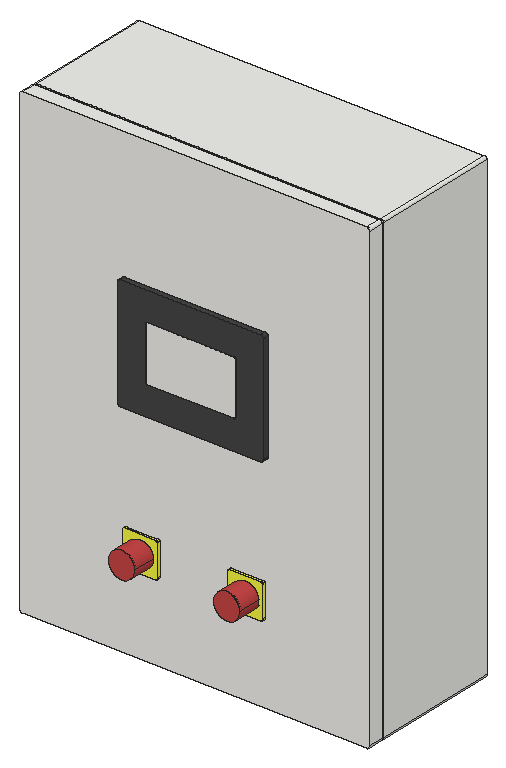
Revit family "COFFRET ELEC HOSPIVAC G SIRELLA", category Equipement de génie climatique, Revit 2018
Family settings
  Cote de connecteur circulaire = Utiliser le diamètre
  Classification = Aucun
  Type d'élément = Normal
  Basée sur le plan de construction = Non
  Toujours verticalement = Oui
  Couper avec des vides une fois chargée = Non
  Partagée = Non
  Point de calcul de pièce = Non
Parameters (values of type "COFFRET PM2 HOSPIVAC G4 SL300R")
  ØPE = 40 mm
  ØFIX = 12 mm
  ØDEPART = 20 mm
  ZONE_MAINTENANCE = yes
  TENSION_ALIM = 400 V
  PUISS_MOT_4 = 5.5 kW
  PUISS_MOT_3 = 5.5 kW
  PUISS_MOT = 5.5 kW
  PUISS_ELECT_2 = 11 kW
  PUISS_ELECT = 11 kW
  PUISS_APPARENTE_MOT_4 = PUISS_MOT_4 / 0.9  # 6111.11 VA
  PUISS_APPARENTE_MOT_3 = PUISS_MOT_3 / 0.9  # 6111.11 VA
  PUISS_APPARENTE_MOT = PUISS_MOT / 0.9  # 6111.11 VA
  PUISS_APPARENTE_2 = PUISS_ELECT_2 / 0.9  # 12222.2 VA
  PUISS_APPARENTE = PUISS_ELECT / 0.9  # 12222.2 VA
  PROTECTION_AMONT_Y = "Disjoncteur courbe D 32A"
  PROTECTION_AMONT_X = "Disjoncteur courbe D 32A"
  PROF_IG = 44 mm
  POIDS(Kg) = 0 mm
  OFFSET_LARG_PE = 185 mm
  OFFSET_HAUT_PM2 = 320 mm
  NEUTRE = yes
  NBR_POLES = 3
  Lien espace client = ""
  LONG_FIX = 555 mm
  LONG_COFF = 600 mm
  LONGUEUR = LONG_COFF  # 600 mm
  LARG_COFF = 250 mm
  LARGEUR = LARG_COFF  # 250 mm
  HAUT_PM2 = 195 mm
  HAUT_PE = 22.5 mm
  OFFSET_HAUT_IG = 165 mm
  HAUT_FIX = 755 mm
  HAUT_COFF = 800 mm
  HAUTEUR = 344 mm
  ENTRAXE_PE = 420 mm
  ENTRAXE_IG = 180 mm
  EMBASE_IG = 60 mm
  DOUBLE_ALIMENTATION = yes
  DESCR_ALIM_Y = "Alimentation Y ; 5G6mm²"
  DESCR_ALIM_X = "Alimentation X ; 5G6mm²"
  DESCR_ALIM_MOT_4 = "Puissance moteur ; 4G2.5mm²"
  DESCR_ALIM_MOT_3 = "Puissance moteur ; 4G2.5mm²"
  DESCR_ALIM_MOT = "Puissance moteur ; 4G2.5mm²"
  COS_PHI = 0.9
  BRANCHEMENT_TERRE = yes
Types (10, lengths in mm): name | PUISS_MOT_4 | PUISS_MOT_3 | PUISS_MOT | PUISS_ELECT_2 | PUISS_ELECT | PUISS_APPARENTE_MOT_4 | PUISS_APPARENTE_MOT_3 | PUISS_APPARENTE_MOT | PUISS_APPARENTE_2 | PUISS_APPARENTE | PROTECTION_AMONT_Y | PROTECTION_AMONT_X | OFFSET_LARG_PE | OFFSET_HAUT_PM2 | LONG_FIX | LARG_COFF | LARGEUR | OFFSET_HAUT_IG | HAUT_FIX | HAUT_COFF | ENTRAXE_PE | ENTRAXE_IG | DESCR_ALIM_Y | DESCR_ALIM_X | DESCR_ALIM_MOT_4 | DESCR_ALIM_MOT_3
  (no name) | 5.5 kW | 5.5 kW | 5.5 kW | 11 kW | 11 kW | 6111.11 VA | 6111.11 VA | 6111.11 VA | 12222.2 VA | 12222.2 VA | "Disjoncteur courbe D 32A" | "Disjoncteur courbe D 32A" | 185 | 320 | 555 | 250 | 250 | 165 | 755 | 800 | 420 | 180 | "Alimentation Y ; 5G6mm²" | "Alimentation X ; 5G6mm²" | "Puissance moteur ; 4G2.5mm²" | "Puissance moteur ; 4G2.5mm²"
  COFFRET PM2 HOSPIVAC G2 SL100R | 0 kW | 0 kW | 2.2 kW | 2.2 kW | 2.2 kW | 0 VA | 0 VA | 2444.44 VA | 2444.44 VA | 2444.44 VA | "Disjoncteur courbe D 10A" | "Disjoncteur courbe D 10A" | 80 | 135 | 558 | 300 | 300 | 107.5 | 258 | 300 | 526 | 425 | "Alimentation Y ; 5G2.5mm²" | "Alimentation X ; 5G2.5mm²" | "Ne pas utiliser" | "Ne pas utiliser"
  COFFRET PM2 HOSPIVAC G2 SL150R | 0 kW | 0 kW | 3 kW | 3 kW | 3 kW | 0 VA | 0 VA | 3333.33 VA | 3333.33 VA | 3333.33 VA | "Disjoncteur courbe D 10A" | "Disjoncteur courbe D 10A" | 80 | 135 | 558 | 300 | 300 | 107.5 | 258 | 300 | 526 | 425 | "Alimentation Y ; 5G2.5mm²" | "Alimentation X ; 5G2.5mm²" | "Ne pas utiliser" | "Ne pas utiliser"
  COFFRET PM2 HOSPIVAC G2 SL300R | 0 kW | 0 kW | 5.5 kW | 5.5 kW | 5.5 kW | 0 VA | 0 VA | 6111.11 VA | 6111.11 VA | 6111.11 VA | "Disjoncteur courbe D 16A" | "Disjoncteur courbe D 16A" | 80 | 135 | 558 | 300 | 300 | 107.5 | 258 | 300 | 526 | 425 | "Alimentation Y ; 5G2.5mm²" | "Alimentation X ; 5G2.5mm²" | "Ne pas utiliser" | "Ne pas utiliser"
  COFFRET PM2 HOSPIVAC G3 SL100R | 0 kW | 2.2 kW | 2.2 kW | 4.4 kW | 2.2 kW | 0 VA | 2444.44 VA | 2444.44 VA | 4888.89 VA | 2444.44 VA | "Disjoncteur courbe D 16A" | "Disjoncteur courbe D 10A" | 80 | 135 | 558 | 300 | 300 | 107.5 | 258 | 300 | 526 | 425 | "Alimentation Y ; 5G6mm²" | "Alimentation X ; 5G2.5mm²" | "Ne pas utiliser" | "Puissance moteur ; 4G2.5mm²"
  COFFRET PM2 HOSPIVAC G3 SL150R | 0 kW | 3 kW | 3 kW | 6 kW | 3 kW | 0 VA | 3333.33 VA | 3333.33 VA | 6666.67 VA | 3333.33 VA | "Disjoncteur courbe D 16A" | "Disjoncteur courbe D 10A" | 80 | 135 | 558 | 300 | 300 | 107.5 | 258 | 300 | 526 | 425 | "Alimentation Y ; 5G6mm²" | "Alimentation X ; 5G2.5mm²" | "Ne pas utiliser" | "Puissance moteur ; 4G2.5mm²"
  COFFRET PM2 HOSPIVAC G3 SL300R | 0 kW | 5.5 kW | 5.5 kW | 11 kW | 5.5 kW | 0 VA | 6111.11 VA | 6111.11 VA | 12222.2 VA | 6111.11 VA | "Disjoncteur courbe D 32A" | "Disjoncteur courbe D 16A" | 80 | 135 | 558 | 300 | 300 | 107.5 | 258 | 300 | 526 | 425 | "Alimentation Y ; 5G6mm²" | "Alimentation X ; 5G2.5mm²" | "Ne pas utiliser" | "Puissance moteur ; 4G2.5mm²"
  COFFRET PM2 HOSPIVAC G4 SL100R | 2.2 kW | 2.2 kW | 2.2 kW | 4.4 kW | 4.4 kW | 2444.44 VA | 2444.44 VA | 2444.44 VA | 4888.89 VA | 4888.89 VA | "Disjoncteur courbe D 16A" | "Disjoncteur courbe D 16A" | 185 | 320 | 555 | 250 | 250 | 165 | 755 | 800 | 420 | 180 | "Alimentation Y ; 5G6mm²" | "Alimentation X ; 5G6mm²" | "Puissance moteur ; 4G2.5mm²" | "Puissance moteur ; 4G2.5mm²"
  COFFRET PM2 HOSPIVAC G4 SL150R | 3 kW | 3 kW | 3 kW | 6 kW | 6 kW | 3333.33 VA | 3333.33 VA | 3333.33 VA | 6666.67 VA | 6666.67 VA | "Disjoncteur courbe D 16A" | "Disjoncteur courbe D 16A" | 185 | 320 | 555 | 250 | 250 | 165 | 755 | 800 | 420 | 180 | "Alimentation Y ; 5G6mm²" | "Alimentation X ; 5G6mm²" | "Puissance moteur ; 4G2.5mm²" | "Puissance moteur ; 4G2.5mm²"
  COFFRET PM2 HOSPIVAC G4 SL300R | 5.5 kW | 5.5 kW | 5.5 kW | 11 kW | 11 kW | 6111.11 VA | 6111.11 VA | 6111.11 VA | 12222.2 VA | 12222.2 VA | "Disjoncteur courbe D 32A" | "Disjoncteur courbe D 32A" | 185 | 320 | 555 | 250 | 250 | 165 | 755 | 800 | 420 | 180 | "Alimentation Y ; 5G6mm²" | "Alimentation X ; 5G6mm²" | "Puissance moteur ; 4G2.5mm²" | "Puissance moteur ; 4G2.5mm²"
Reference planes
  plane 1 "Centre (avant/arrière)": y = 0
  plane 2: z = 0
  plane 3 "Centre (gauche/droite)": x = 0
  plane 4: x = -545
  plane 5: x = -545
  plane 6: x = -245
  plane 7: x = -300
  plane 8: x = 300
  plane 9: z = 800
  plane 10: y = -250
  plane 11: y = -259
  plane 12: x = -125
  plane 13: x = 125
  plane 14: z = 577.5
  plane 15: z = 382.5
  plane 16: z = 480
  plane 17: z = 165
  plane 18: x = -90
  plane 19: x = 90
  plane 20: y = -294
  plane 21: y = -220
  plane 22: y = -225
  plane 23: y = -185
  plane 24: x = -210
  plane 25: x = 210
  plane 26: z = -22.5
  plane 27: z = 777.5
  plane 28: x = 277.5
  plane 29: x = -277.5
  plane 30: z = 22.5
  plane 31: z = 400
Forms (mm)
  Extrusion 1, solid, not visible
    sketch origin (-671.698, -1524, 268) x (-1, 0, 0) y (0, -1, 0)
      loop
        circle (-126.698, -1132) r 25
    from 0 to 17
  Extrusion 2, solid, not visible
    sketch origin (-671.698, -1524, 268) x (-1, 0, 0) y (0, -1, 0)
      loop
        circle (-126.698, -1132) r 25
    from 0 to 17
  Extrusion 3, solid, not visible
    sketch origin (-371.698, -1524, 268) x (-1, 0, 0) y (0, -1, 0)
      loop
        circle (-126.698, -1132) r 25
    from 0 to 17
  Extrusion 4, solid, material "BLANC MILS"
    sketch origin (0, 0, 0) x (1, 0, 0) y (0, 0, 1)
      loop
        arc (-295, 800) -> (-298.536, 798.536) -> (-300, 795) r 5
        line (-300, 795) -> (-300, 5)
        arc (-300, 5) -> (-298.536, 1.464) -> (-295, 0) r 5
        line (-295, 0) -> (295, 0)
        arc (295, 0) -> (298.536, 1.464) -> (300, 5) r 5
        line (300, 5) -> (300, 795)
        arc (300, 795) -> (298.536, 798.536) -> (295, 800) r 5
        line (295, 800) -> (-295, 800)
    from 0 to 250
  Extrusion 5, solid, material "NOIR MILS"
    sketch origin (-631.035, -250, 1200) x (-1, 0, 0) y (0, 0, 1)
      loop
        line (-511.035, -622.5) -> (-751.035, -622.5)
        arc (-751.035, -622.5) -> (-754.57, -623.964) -> (-756.035, -627.5) r 5
        line (-756.035, -627.5) -> (-756.035, -812.5)
        arc (-756.035, -812.5) -> (-754.57, -816.036) -> (-751.035, -817.5) r 5
        line (-751.035, -817.5) -> (-511.035, -817.5)
        arc (-511.035, -817.5) -> (-507.499, -816.036) -> (-506.035, -812.5) r 5
        line (-506.035, -812.5) -> (-506.035, -627.5)
        arc (-506.035, -627.5) -> (-507.499, -623.964) -> (-511.035, -622.5) r 5
    from 0 to -9
  Extrusion 6, void
    sketch origin (-121.853, -259, 1200) x (1, 0, 0) y (0, 0, 1)
      loop
        arc (48.353, -672.5) -> (45.525, -673.672) -> (44.353, -676.5) r 4
        line (44.353, -676.5) -> (44.353, -763.5)
        arc (44.353, -763.5) -> (45.525, -766.328) -> (48.353, -767.5) r 4
        line (48.353, -767.5) -> (195.353, -767.5)
        arc (195.353, -767.5) -> (198.182, -766.328) -> (199.353, -763.5) r 4
        line (199.353, -763.5) -> (199.353, -676.5)
        arc (199.353, -676.5) -> (198.182, -673.672) -> (195.353, -672.5) r 4
        line (195.353, -672.5) -> (48.353, -672.5)
    from 0 to -2.971
  Extrusion 7, solid, material "ROUGE MILS"
    sketch origin (-631.035, -250, 1200) x (-1, 0, 0) y (0, 0, 1)
      loop
        circle (-541.035, -1035) r 22.5
      loop
        circle (-721.035, -1035) r 22.5
    from 0 to -44
  Extrusion 8, solid, material "JAUNE MILS"
    sketch origin (-631.035, -250, 1200) x (-1, 0, 0) y (0, 0, 1)
      loop
        line (-514.035, -1005) -> (-568.035, -1005)
        arc (-568.035, -1005) -> (-570.156, -1005.879) -> (-571.035, -1008) r 3
        line (-571.035, -1008) -> (-571.035, -1062)
        arc (-571.035, -1062) -> (-570.156, -1064.121) -> (-568.035, -1065) r 3
        line (-568.035, -1065) -> (-514.035, -1065)
        arc (-514.035, -1065) -> (-511.913, -1064.121) -> (-511.035, -1062) r 3
        line (-511.035, -1062) -> (-511.035, -1008)
        arc (-511.035, -1008) -> (-511.913, -1005.879) -> (-514.035, -1005) r 3
      loop
        line (-694.035, -1005) -> (-748.035, -1005)
        arc (-748.035, -1005) -> (-750.156, -1005.879) -> (-751.035, -1008) r 3
        line (-751.035, -1008) -> (-751.035, -1062)
        arc (-751.035, -1062) -> (-750.156, -1064.121) -> (-748.035, -1065) r 3
        line (-748.035, -1065) -> (-694.035, -1065)
        arc (-694.035, -1065) -> (-691.913, -1064.121) -> (-691.035, -1062) r 3
        line (-691.035, -1062) -> (-691.035, -1008)
        arc (-691.035, -1008) -> (-691.913, -1005.879) -> (-694.035, -1005) r 3
    from 0 to -5
  Extrusion 9, void
    sketch origin (-333.866, -220, 1200) x (1, 0, 0) y (0, 0, 1)
      loop
        line (628.866, -400) -> (38.866, -400)
        arc (38.866, -400) -> (35.331, -401.464) -> (33.866, -405) r 5
        line (33.866, -405) -> (33.866, -1195)
        arc (33.866, -1195) -> (35.331, -1198.536) -> (38.866, -1200) r 5
        line (38.866, -1200) -> (628.866, -1200)
        arc (628.866, -1200) -> (632.402, -1198.536) -> (633.866, -1195) r 5
        line (633.866, -1195) -> (633.866, -405)
        arc (633.866, -405) -> (632.402, -401.464) -> (628.866, -400) r 5
      loop
        line (618.866, -415) -> (48.866, -415) -> (48.866, -1185) -> (618.866, -1185) -> (618.866, -415)
    from 0 to 5
  Extrusion 10, solid, material "LOGO MILS"
    sketch origin (-631.035, -259, 1200) x (1, 0, 0) y (0, 0, 1)
      loop
        line (704.535, -672.5) -> (557.535, -672.5)
        arc (557.535, -672.5) -> (554.706, -673.672) -> (553.535, -676.5) r 4
        line (553.535, -676.5) -> (553.535, -763.5)
        arc (553.535, -763.5) -> (554.706, -766.328) -> (557.535, -767.5) r 4
        line (557.535, -767.5) -> (704.535, -767.5)
        arc (704.535, -767.5) -> (707.363, -766.328) -> (708.535, -763.5) r 4
        line (708.535, -763.5) -> (708.535, -676.5)
        arc (708.535, -676.5) -> (707.363, -673.672) -> (704.535, -672.5) r 4
    from 0 to -2.971
  Extrusion 11, solid, material "BLANC MILS"
    sketch origin (0, 0, 0) x (1, 0, 0) y (0, 1, 0)
      loop
        circle (-210, -185) r 20
      loop
        circle (210, -185) r 20
    from 0 to -22.5
  Extrusion 12, void
    sketch origin (0, 0, 0) x (-1, 0, 0) y (0, 0, 1)
      loop
        circle (-277.5, 777.5) r 6
      loop
        circle (-277.5, 22.5) r 6
      loop
        circle (277.5, 22.5) r 6
      loop
        circle (277.5, 777.5) r 6
    from 0 to -185
  Extrusion 13, void
    sketch origin (0, 0, 0) x (0, 1, 0) y (1, 0, 0)
      loop
        circle (-185, -150) r 10
      loop
        circle (-185, 150) r 10
    from 0 to -22.5
  Extrusion 14, void
    sketch origin (0, 0, 0) x (0, 1, 0) y (1, 0, 0)
      loop
        circle (-185, -120) r 10
    from 0 to -22.5
  Extrusion 15, void
    sketch origin (0, 0, 0) x (0, 1, 0) y (1, 0, 0)
      loop
        circle (-185, 120) r 10
    from 0 to -22.5
Cuts and joins
  Extrusion 6, Extrusion 9, Extrusion 12, Extrusion 13, Extrusion 14, Extrusion 15 cuts Extrusion 4
  Extrusion 6 cuts Extrusion 5
Dimensions and locks
  equal spacing: plane 8, plane 3 "Centre (gauche/droite)", plane 7
  "LONG_COFF": plane 8 to plane 7
  "HAUT_COFF": plane 9 to level
  "LARG_COFF": plane 10 to plane 1 "Centre (avant/arrière)"
  locked: plane 10 to plane 11 at 9
  equal spacing: plane 12, plane 3 "Centre (gauche/droite)", plane 13
  locked: plane 12 to plane 13 at 250
  equal spacing: plane 14, plane 16, plane 15
  "OFFSET_HAUT_PM2": plane 9 to plane 16
  "HAUT_PM2": plane 14 to plane 15
  locked: Extrusion 6 sketch curve to Extrusion 6 sketch curve at 155
  locked: Extrusion 6 sketch curve to Extrusion 6 sketch curve at 95
  equal spacing: Extrusion 6 sketch curve, plane 3 "Centre (gauche/droite)", Extrusion 6 sketch curve
  equal spacing: Extrusion 6 sketch curve, plane 16, Extrusion 6 sketch curve
  "OFFSET_HAUT_IG": plane 17 to level
  equal spacing: plane 19, plane 3 "Centre (gauche/droite)", plane 18
  "ENTRAXE_IG": plane 19 to plane 18
  "PROF_IG": plane 10 to plane 20
  equal spacing: Extrusion 8 sketch curve, plane 18, Extrusion 8 sketch curve
  "EMBASE_IG": Extrusion 8 sketch curve to Extrusion 8 sketch curve  (x4)
  equal spacing: Extrusion 8 sketch curve, plane 17, Extrusion 8 sketch curve  (x2)
  equal spacing: Extrusion 8 sketch curve, plane 19, Extrusion 8 sketch curve
  locked: plane 21 to plane 22 at 5
  locked: plane 22 to plane 10 at 25
  locked: cut or joined group of Extrusion 4, Extrusion 6, Extrusion 9, Extrusion 12, Extrusion 13, Extrusion 14, Extrusion 15 to Extrusion 9 sketch curve at 15
  "OFFSET_LARG_PE": plane 23 to plane 1 "Centre (avant/arrière)"
  equal spacing: plane 24, plane 3 "Centre (gauche/droite)", plane 25
  "ENTRAXE_PE": plane 24 to plane 25
  "HAUT_PE": level to plane 26
  equal spacing: plane 29, plane 3 "Centre (gauche/droite)", plane 28
  "LONG_FIX": plane 29 to plane 28
  equal spacing: plane 30, plane 31, plane 27
  equal spacing: level, plane 31, plane 9
  "HAUT_FIX": plane 30 to plane 27
  locked: Extrusion 13 sketch curve to plane 3 "Centre (gauche/droite)" at 150
  plane 3 "Centre (gauche/droite)" to Extrusion 13 sketch curve = 150 mm
  locked: Extrusion 14 sketch curve to plane 3 "Centre (gauche/droite)" at 120
  locked: plane 3 "Centre (gauche/droite)" to Extrusion 15 sketch curve at 120
  radius of Extrusion 1 sketch curve = 25 mm
  radius of Extrusion 2 sketch curve = 25 mm
  radius of Extrusion 3 sketch curve = 25 mm
  radius of Extrusion 5 sketch curve = 5 mm  (x4)
  radius of Extrusion 6 sketch curve = 4 mm  (x4)
  diameter of Extrusion 7 sketch curve = 45 mm  (x2)
  radius of Extrusion 8 sketch curve = 3 mm  (x8)
  radius of Extrusion 4 sketch curve = 5 mm  (x4)
  radius of Extrusion 10 sketch curve = 4 mm  (x4)
  "ØPE": diameter of Extrusion 11 sketch curve  (x2)
  "ØFIX": diameter of Extrusion 12 sketch curve  (x4)
  "ØDEPART": diameter of Extrusion 13 sketch curve  (x2)
  "ØDEPART": diameter of Extrusion 14 sketch curve
  "ØDEPART": diameter of Extrusion 15 sketch curve
  aligned and locked: level to plane 2
  aligned and locked: level to Extrusion 4 sketch curve
  aligned and locked: Extrusion 4 sketch curve to plane 8
  aligned and locked: plane 7 to Extrusion 4 sketch curve
  aligned and locked: Extrusion 4 sketch curve to plane 9
  aligned and locked: Extrusion 4 to plane 1 "Centre (avant/arrière)"
  aligned and locked: Extrusion 4 to plane 10
  aligned and locked: Extrusion 5 sketch curve to plane 14
  aligned and locked: plane 12 to Extrusion 5 sketch curve
  aligned and locked: Extrusion 5 sketch curve to plane 13
  aligned and locked: plane 15 to Extrusion 5 sketch curve
  aligned and locked: Extrusion 5 to plane 11
  aligned and locked: plane 10 to Extrusion 5
  aligned and locked: plane 18 to Extrusion 7 sketch curve
  aligned and locked: plane 17 to Extrusion 7 sketch curve  (x2)
  aligned and locked: plane 19 to Extrusion 7 sketch curve
  aligned and locked: Extrusion 7 to plane 20
  aligned and locked: Extrusion 9 sketch curve to cut or joined group of Extrusion 4, Extrusion 6, Extrusion 9, Extrusion 12, Extrusion 13, Extrusion 14, Extrusion 15  (x4)
  aligned and locked: Extrusion 9 to plane 22
  aligned and locked: Extrusion 9 sketch curve to Extrusion 9 sketch curve  (x3)
  aligned and locked: Extrusion 10 sketch curve to cut or joined group of Extrusion 5, Extrusion 6
  aligned and locked: Extrusion 10 to cut or joined group of Extrusion 5, Extrusion 6
  aligned and locked: plane 23 to Extrusion 11 sketch curve  (x2)
  aligned and locked: Extrusion 11 sketch curve to plane 24
  aligned and locked: Extrusion 11 sketch curve to plane 25
  aligned and locked: Extrusion 11 to plane 26
  aligned and locked: plane 27 to Extrusion 12 sketch curve  (x2)
  aligned and locked: plane 28 to Extrusion 12 sketch curve  (x2)
  aligned and locked: plane 29 to Extrusion 12 sketch curve  (x2)
  aligned and locked: plane 30 to Extrusion 12 sketch curve  (x2)
  aligned and locked: Extrusion 12 to plane 23
  aligned and locked: plane 23 to Extrusion 13 sketch curve  (x2)
  aligned and locked: plane 30 to Extrusion 13
  aligned and locked: plane 23 to Extrusion 14 sketch curve
  aligned and locked: plane 30 to Extrusion 14
  aligned and locked: plane 23 to Extrusion 15 sketch curve
  aligned and locked: plane 30 to Extrusion 15
Automatic sketch dimensions
  Extrusion 9 sketch curve to Extrusion 9 sketch curve = 10 mm  (x3)
  Extrusion 10 sketch curve to Extrusion 5 = 47.5 mm
  Extrusion 10 sketch curve to Extrusion 10 sketch curve = 147 mm
  Extrusion 10 sketch curve to Extrusion 10 sketch curve = 87 mm
Connectors
  electrical at (-210, -185, -22.5), driven by "TENSION_ALIM", driven by "PUISS_APPARENTE", driven by "COS_PHI", driven by "DESCR_ALIM_X", driven by "NBR_POLES"
    settings: on Extrusion 11, index 1, voltage 400 V, apparent load 12222.2 VA, apparent load phase1 0 VA, apparent load phase2 0 VA, apparent load phase3 0 VA, power factor 0.9, load classification "Puissance", number of poles 3, system type 30, power factor state 1, is connector primary yes, connector utility yes, sub classification motor no, connector description "Alimentation X ; 5G6mm²"
  electrical at (-150, -185, 22.5), driven by "NBR_POLES", driven by "TENSION_ALIM", driven by "PUISS_APPARENTE_MOT", driven by "COS_PHI", driven by "DESCR_ALIM_MOT"
    settings: on cut or joined group of Extrusion 4, Extrusion 6, Extrusion 9, Extrusion 12, Extrusion 13, Extrusion 14, Extrusion 15, index 2, voltage 400 V, apparent load 6111.11 VA, apparent load phase1 0 VA, apparent load phase2 0 VA, apparent load phase3 0 VA, power factor 0.9, load classification "Moteur", number of poles 3, system type 30, power factor state 1, is connector primary no, connector utility no, sub classification motor no, connector description "Puissance moteur ; 4G2.5mm²"
  electrical at (-120, -185, 22.5), driven by "NBR_POLES", driven by "TENSION_ALIM", driven by "PUISS_APPARENTE_MOT_4", driven by "COS_PHI", driven by "DESCR_ALIM_MOT_4"
    settings: on cut or joined group of Extrusion 4, Extrusion 6, Extrusion 9, Extrusion 12, Extrusion 13, Extrusion 14, Extrusion 15, index 3, voltage 400 V, apparent load 6111.11 VA, apparent load phase1 0 VA, apparent load phase2 0 VA, apparent load phase3 0 VA, power factor 0.9, load classification "Moteur", number of poles 3, system type 30, power factor state 1, is connector primary no, connector utility no, sub classification motor no, connector description "Puissance moteur ; 4G2.5mm²"
  electrical at (120, -185, 22.5), driven by "NBR_POLES", driven by "TENSION_ALIM", driven by "PUISS_APPARENTE_MOT", driven by "COS_PHI", driven by "DESCR_ALIM_MOT_3"
    settings: on cut or joined group of Extrusion 4, Extrusion 6, Extrusion 9, Extrusion 12, Extrusion 13, Extrusion 14, Extrusion 15, index 4, voltage 400 V, apparent load 6111.11 VA, apparent load phase1 0 VA, apparent load phase2 0 VA, apparent load phase3 0 VA, power factor 0.9, load classification "Moteur", number of poles 3, system type 30, power factor state 1, is connector primary no, connector utility no, sub classification motor no, connector description "Puissance moteur ; 4G2.5mm²"
  electrical at (150, -185, 22.5), driven by "NBR_POLES", driven by "TENSION_ALIM", driven by "PUISS_APPARENTE_MOT_3", driven by "COS_PHI", driven by "DESCR_ALIM_MOT"
    settings: on cut or joined group of Extrusion 4, Extrusion 6, Extrusion 9, Extrusion 12, Extrusion 13, Extrusion 14, Extrusion 15, index 5, voltage 400 V, apparent load 6111.11 VA, apparent load phase1 0 VA, apparent load phase2 0 VA, apparent load phase3 0 VA, power factor 0.9, load classification "Moteur", number of poles 3, system type 30, power factor state 1, is connector primary no, connector utility no, sub classification motor no, connector description "Puissance moteur ; 4G2.5mm²"
  electrical at (210, -185, -22.5), driven by "NBR_POLES", driven by "TENSION_ALIM", driven by "PUISS_APPARENTE_2", driven by "COS_PHI", driven by "DESCR_ALIM_Y"
    settings: on Extrusion 11, index 6, voltage 400 V, apparent load 12222.2 VA, apparent load phase1 0 VA, apparent load phase2 0 VA, apparent load phase3 0 VA, power factor 0.9, load classification "Puissance", number of poles 3, system type 30, power factor state 1, is connector primary no, connector utility yes, sub classification motor no, connector description "Alimentation Y ; 5G6mm²"
